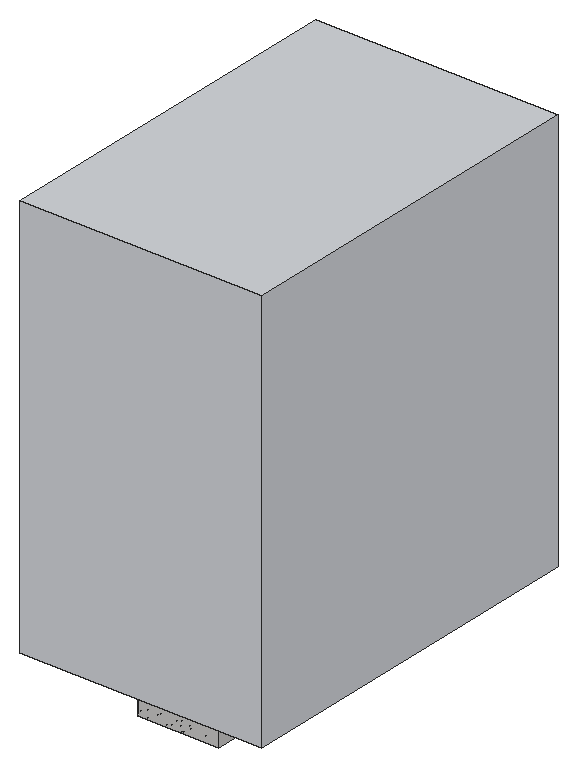
Revit family
Parameters
  Warranty Duration (Years) = 0
  Unit Width [instance] = 1' - 5 1/4"
  Unit Height [instance] = 4' - 8"
  Unit Depth = 0' - 0 1/4"
  URL = "http://www.americanspecialties.com/viewCategories.cfm"
  Trim Material = Metal - Stainless Steel
  Test Data = ""
  Specification = "http://www.arcat.com/sdspecs/htm/10810asi.htm"
  SpecWizard = ""
  Send Message = "http://www.arcat.com/users.pl?action=UserEmail&company=American%20Specialties,%20Inc.&coid=30448&rep=139&fax=914-476-0688&mf="
  Sales Information = "http://www.americanspecialties.com/contact"
  Revision = "R1_10-2010"
  Product Properties = "http://www.americanspecialties.com/datasheets/04692A.pdf"
  Product Data = "http://www.arcat.com/arcatcos/cos30/arc30448.html"
  Model = "As Specified in 10 28 13"
  Manufacturer Website = "http://www.americanspecialties.com/viewCategories.cfm"
  Manufacturer Phone - Toll Free = ""
  Manufacturer Phone = "914-476-9000 "
  Manufacturer Fax = "914-476-0688"
  Manufacturer Address = "441 Saw Mill River Rd., Yonkers, NY 10701"
  Manufacturer = "American Specialties, Inc."
  Maintenance Schedule (Months) = 0
  Keynote = "10 28 13"
  Installation-Fabrication = "http://www.americanspecialties.com/products.cfm"
  Green Building-LEED = ""
  Expected Lifespan (Years) = 0
  Drawn By = "Robert S. Weygant. CSI, CDT, SCIP"  # constant formula
  Description = "Toilet Accessory as Specified in 10 28 13"
  Default Elevation = 4' - 0"
  Copyright = "©Arcat Inc."
  Construction Details = "http://www.arcat.com/green/clients/leed_data_30448.html"
  Building Codes = "http://www.americanspecialties.com/products.cfm"
  Body Material = Metal - Stainless Steel
  Assembly Code = "C1030210"
Reference planes (in)
  plane 1 "Center (Front/Back)": y = -0.29112
  plane 2 "Floor Line": z = 0
  plane 3 "Center (Left/Right)": x = -0.65843
Forms (in)
  Extrusion 1, solid
    sketch origin (-3, -9, -6) x (0, 0, -1) y (1, 0, 0)
      loop
        line (-82, 26) -> (-82, -19.34712) -> (-6, -19.34712) -> (-6, 26) -> (-82, 26)
    from 28.29112 to -41.06337
  Extrusion 2, solid, material "Metal - Stainless Steel" <- "Body Material"
    sketch origin (0, 0, 0) x (1, 0, 0) y (0, 1, 0)
      loop
        line (-8.28343, 26.70888) -> (-8.28343, -27.29112) -> (6.96657, -27.29112) -> (6.96657, 26.70888) -> (-8.28343, 26.70888)
    from 0 to -10
  Extrusion 3, solid, material "Metal - Stainless Steel" <- "Body Material"
    sketch origin (0, 7, 0) x (1, 0, 0) y (0, 1, 0)
      loop
        line (-5.68968, 6.70888) -> (-5.68968, 4.20888) -> (4.37282, 4.20888) -> (4.37282, 6.70888) -> (-5.68968, 6.70888)
      loop
        line (-5.43968, 4.70888) -> (4.12282, 4.70888) -> (4.12282, 6.45888) -> (-5.43968, 6.45888) -> (-5.43968, 4.70888)
    from 0 to -10
  Extrusion 4, solid, material "Metal - Stainless Steel" <- "Body Material"
    sketch origin (0, 0, 0) x (1, 0, 0) y (0, 1, 0)
      loop
        line (-9.28343, 27.70888) -> (-9.28343, -28.29112) -> (7.96657, -28.29112) -> (7.96657, 27.70888) -> (-9.28343, 27.70888)
      loop
        line (-8.28343, 26.70888) -> (-8.28343, -27.29112) -> (6.96657, -27.29112) -> (6.96657, 26.70888) -> (-8.28343, 26.70888)
    from 0 to 0.25
  Extrusion 5, solid, material "Metal - Stainless Steel" <- "Body Material"
    sketch origin (0, 0, 0) x (1, 0, 0) y (0, 1, 0)
      loop
        line (-8.28343, 26.70888) -> (-8.28343, 13.70888) -> (6.96657, 13.70888) -> (6.96657, 26.70888) -> (-8.28343, 26.70888)
    from 0 to 0.25
  Extrusion 6, solid, material "Metal - Stainless Steel" <- "Body Material"
    sketch origin (0, 0, 0) x (1, 0, 0) y (0, 1, 0)
      loop
        line (6.96657, -4.29112) -> (-8.28343, -4.29112) -> (-8.28343, -27.29112) -> (6.96657, -27.29112) -> (6.96657, -4.29112)
    from -10 to 1.75
  Extrusion 7, void
    sketch origin (-0.65843, 0, 0) x (0, 1, 0) y (0, 0, 1)
      loop
        line (13.70888, -9.75) -> (13.70888, 1.75) -> (-4.29112, 1.75) -> (-4.29112, -9.75) -> (13.70888, -9.75)
    from -7.61046 to 7.59319
  Extrusion 8, void
    sketch origin (-0.65843, 0, 0) x (0, 1, 0) y (0, 0, 1)
      loop
        line (-4.29112, -9.75) -> (-4.29112, 1.70127) -> (-27.24712, 1.70127) -> (-27.24712, -9.75) -> (-4.29112, -9.75)
    from -7.61046 to 7.59319
  Extrusion 9, solid, material "Metal - Stainless Steel" <- "Trim Material"
    sketch origin (0, 0, 0) x (1, 0, 0) y (0, 1, 0)
      loop
        circle (-0.65843, -3.79339) r 0.5
      loop
        circle (-0.65843, -3.79339) r 0.36408
    from -9.75 to -10
  Extrusion 10, void
    sketch origin (0, 0, 0) x (1, 0, 0) y (0, 1, 0)
      loop
        line (-8.28343, 26.70888) -> (-8.28343, -27.24712) -> (6.93476, -27.24712) -> (6.93476, 26.70888) -> (-8.28343, 26.70888)
    from 0 to -10
  Extrusion 11, solid, material "Metal - Stainless Steel" <- "Trim Material"
    sketch origin (-1.31687, 0, -0.6875) x (-1, 0, 0) y (0, -1, 0)
      loop
        circle (5.37282, -20.33388) r 0.5
      loop
        line (5.316, -19.91524) -> (5.316, -20.76475) -> (5.42963, -20.76475) -> (5.42963, -19.91524) -> (5.316, -19.91524)
    from 0.9375 to 1
Cuts and joins
  Extrusion 7, Extrusion 8 cuts Extrusion 2
  Extrusion 7, Extrusion 8 cuts Extrusion 4
  Extrusion 7 cuts Extrusion 5
  Extrusion 7, Extrusion 8 cuts Extrusion 6
Dimensions and locks (in)
  aligned and locked: Extrusion 1 to level
  aligned and locked: Extrusion 4 to Extrusion 5
  aligned and locked: Extrusion 5 to level
